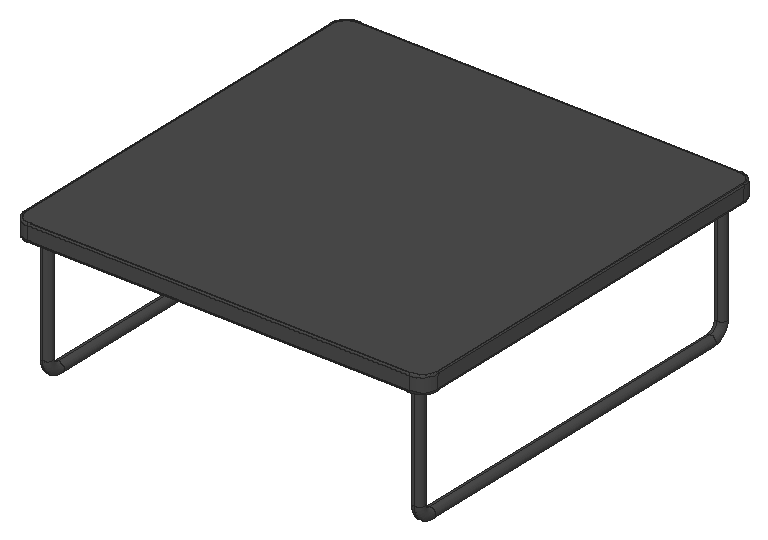
Revit family "Akt Table Single", category Generic Models, Revit 2018
Family settings
  Can host rebar = No
  Round Connector Dimension = Use Diameter
  Part Type = Normal
  Work Plane-Based = No
  Always vertical = Yes
  Cut with Voids When Loaded = No
  Shared = No
  Room Calculation Point = No
Reference planes (in)
  plane 1 "Center (Front/Back)": y = 0
  plane 2: z = 0
  plane 3 "Center (Left/Right)": x = 0
Forms (in)
  Extrusion 1, solid, material "Akt Frame Black"
    sketch origin (12.25, 0, 0) x (1, 0, 0) y (0, 1, 0)
      loop
        arc (-22.5, 13.75) -> (-22.71967, 14.28033) -> (-23.25, 14.5) r 0.75
        line (-23.25, 14.5) -> (-25.75, 14.5)
        arc (-25.75, 14.5) -> (-26.28033, 14.28033) -> (-26.5, 13.75) r 0.75
        line (-26.5, 13.75) -> (-26.5, -13.75)
        arc (-26.5, -13.75) -> (-26.28033, -14.28033) -> (-25.75, -14.5) r 0.75
        line (-25.75, -14.5) -> (-23.25, -14.5)
        arc (-23.25, -14.5) -> (-22.71967, -14.28033) -> (-22.5, -13.75) r 0.75
        line (-22.5, -13.75) -> (-22.5, 13.75)
    from 9.05316 to 9.17127
  Sweep 2, solid, material "Akt Frame Black"
    path origin (0, 0, 0) x (0, 1, 0) y (0, 0, 1)
      loop
        line (13.12534, 9.05316) -> (13.12534, 1.3759)
        arc (13.12534, 1.3759) -> (12.94201, 0.93332) -> (12.49944, 0.75) r 0.6259
        line (12.49944, 0.75) -> (-12.49944, 0.75)
        arc (-12.49944, 0.75) -> (-12.94201, 0.93332) -> (-13.12534, 1.3759) r 0.6259
        line (-13.12534, 1.3759) -> (-13.12534, 9.05316)
    profile origin (0, 13.12534, 5.21453) x (1, 0, 0) y (0, 1, 0)
      loop
        circle (-13.25, 0.375) r 0.375
  Extrusion 3, solid, material "Akt Frame Black"
    sketch origin (-12.25, 0, 0) x (-1, 0, 0) y (0, -1, 0)
      loop
        line (-22.5, -13.75) -> (-22.5, 13.75)
        arc (-22.5, 13.75) -> (-22.71967, 14.28033) -> (-23.25, 14.5) r 0.75
        line (-23.25, 14.5) -> (-25.75, 14.5)
        arc (-25.75, 14.5) -> (-26.28033, 14.28033) -> (-26.5, 13.75) r 0.75
        line (-26.5, 13.75) -> (-26.5, -13.75)
        arc (-26.5, -13.75) -> (-26.28033, -14.28033) -> (-25.75, -14.5) r 0.75
        line (-25.75, -14.5) -> (-23.25, -14.5)
        arc (-23.25, -14.5) -> (-22.71967, -14.28033) -> (-22.5, -13.75) r 0.75
    from 9.05316 to 9.17127
  Sweep 4, solid, material "Akt Frame Black"
    path origin (0, 0, 0) x (0, 1, 0) y (0, 0, -1)
      loop
        line (13.12534, -9.05316) -> (13.12534, -1.3759)
        arc (13.12534, -1.3759) -> (12.94201, -0.93332) -> (12.49944, -0.75) r 0.6259
        line (12.49944, -0.75) -> (-12.49944, -0.75)
        arc (-12.49944, -0.75) -> (-12.94201, -0.93332) -> (-13.12534, -1.3759) r 0.6259
        line (-13.12534, -1.3759) -> (-13.12534, -9.05316)
    profile origin (0, 13.12534, 5.21453) x (-1, 0, 0) y (0, -1, 0)
      loop
        circle (-13.25, -0.375) r 0.375
  Extrusion 5, solid, material "Akt Frame Black"
    sketch origin (0, 0, 0) x (1, 0, 0) y (0, 1, 0)
      loop
        line (13.625, 14.63189) -> (-13.625, 14.63189)
        arc (-13.625, 14.63189) -> (-14.33698, 14.33698) -> (-14.63189, 13.625) r 1.00689
        line (-14.63189, 13.625) -> (-14.63189, -13.625)
        arc (-14.63189, -13.625) -> (-14.33698, -14.33698) -> (-13.625, -14.63189) r 1.00689
        line (-13.625, -14.63189) -> (13.625, -14.63189)
        arc (13.625, -14.63189) -> (14.33698, -14.33698) -> (14.63189, -13.625) r 1.00689
        line (14.63189, -13.625) -> (14.63189, 13.625)
        arc (14.63189, 13.625) -> (14.33698, 14.33698) -> (13.625, 14.63189) r 1.00689
    from 9.17127 to 10.37127
  Sweep 6, solid, material "Akt Frame Black"
    path origin (0, 0, 0) x (1, 0, 0) y (0, 1, 0)
      loop
        line (13.625, 14.63189) -> (-13.625, 14.63189)
        arc (-13.625, 14.63189) -> (-14.33698, 14.33698) -> (-14.63189, 13.625) r 1.00689
        line (-14.63189, 13.625) -> (-14.63189, -13.625)
        arc (-14.63189, -13.625) -> (-14.33698, -14.33698) -> (-13.625, -14.63189) r 1.00689
        line (-13.625, -14.63189) -> (13.625, -14.63189)
        arc (13.625, -14.63189) -> (14.33698, -14.33698) -> (14.63189, -13.625) r 1.00689
        line (14.63189, -13.625) -> (14.63189, 13.625)
        arc (14.63189, 13.625) -> (14.33698, 14.33698) -> (13.625, 14.63189) r 1.00689
    profile origin (0, 14.63189, 0) x (0, -1, 0) y (0, 0, 1)
      loop
        line (0, 9.17127) -> (0, 10.37127)
        arc (0, 10.37127) -> (-0.08352, 10.33668) -> (-0.11811, 10.25316) r 0.11811
        line (-0.11811, 10.25316) -> (-0.11811, 9.28938)
        arc (-0.11811, 9.28938) -> (-0.08352, 9.20587) -> (0, 9.17127) r 0.11811
Dimensions and locks (in)
  aligned and locked: plane 2 to level
